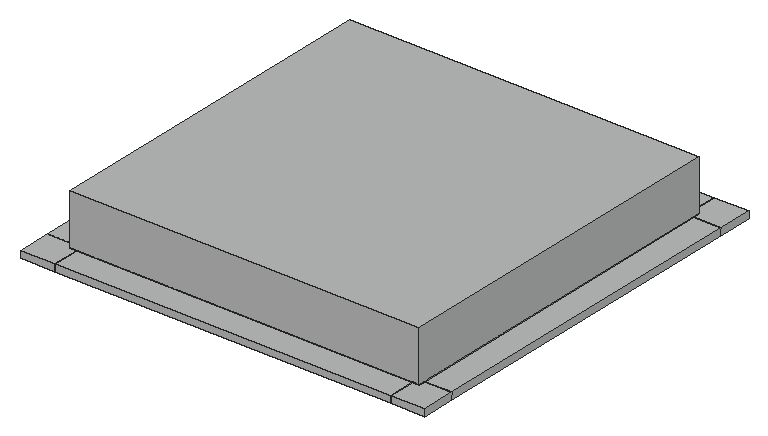
Revit family "ALUMOGIPS", category Осветительные приборы, Revit 2019 (continued)
Types (72, lengths in mm): name | Файл фотометрической сетки | built-in parameter 1150105 | Lumens | built-in parameter 1150106 | built-in parameter 1150142 | Wattage | Emit from Rectangle Width | Emit from Rectangle Length | Длина | Материал светильника | Ширина | ADSK_Ток | ADSK_Полная мощность | ADSK_Обозначение | ADSK_Номинальная мощность | ADSK_Наименование | ADSK_Масса | ADSK_Код изделия
    8 0.098 0.098 0.098 0.098 0.098 0.098 0.098 0.000 0.000 0.000 0.000 \r\n1417.637 1417.044 1413.295 1407.474 1398.890 1388.135 1374.815 1358.437 1340.184 1319.661 1296.869 1271.808 1244.971 1216.258 1185.673 1153.507 1120.158 1085.131 \r\n1048.823 1011.329 973.046 933.284 893.127 851.884 810.741 768.314 725.888 683.165 639.752 596.240 552.728 509.019 465.902 422.686 379.371 337.044 295.505 254.757 215.388 176.909 \r\n138.232 103.698 70.942 40.157 12.136 0.592 0.592 0.592 0.493 0.493 0.493 0.493 0.493 0.493 0.493 0.395 0.395 0.395 0.395 0.395 0.395 0.395 0.395 0.296 0.296 0.296 0.296 0.296 0.296 0.296 0.296 0.197 \r\n0.197 0.197 0.197 0.197 0.197 0.197 0.197 0.098 0.098 0.098 0.098 0.098 0.098 0.098 0.098 0.000 0.000 0.000 0.000 \r\n1417.637 1416.946 1413.197 1407.376 1398.693 1387.839 1374.520 1358.042 1339.789 1319.168 1296.376 1271.315 1244.477 1215.765 1185.179 1152.915 1119.566 1084.539 \r\n1048.230 1010.638 972.356 932.594 892.436 851.194 810.050 767.623 725.197 682.474 639.160 595.649 552.038 508.427 465.310 422.094 378.878 336.550 295.111 254.362 214.895 176.514 \r\n137.935 103.403 70.744 39.960 11.939 0.592 0.592 0.592 0.493 0.493 0.493 0.493 0.493 0.493 0.493 0.395 0.395 0.395 0.395 0.395 0.395 0.395 0.395 0.296 0.296 0.296 0.296 0.296 0.296 0.296 0.296 0.197 \r\n0.197 0.197 0.197 0.197 0.197 0.197 0.197 0.098 0.098 0.098 0.098 0.098 0.098 0.098 0.098 0.000 0.000 0.000 0.000 \r\n1417.637 1416.946 1413.098 1407.178 1398.495 1387.544 1374.223 1357.747 1339.395 1318.773 1295.882 1270.822 1243.886 1215.174 1184.587 1152.323 1118.974 1083.848 \r\n1047.540 1009.947 971.665 931.903 891.746 850.503 809.359 766.933 724.507 681.784 638.470 594.958 551.445 507.836 464.718 421.502 378.287 336.057 294.617 253.967 214.500 176.119 \r\n137.640 103.106 70.447 39.762 11.741 0.592 0.592 0.592 0.493 0.493 0.493 0.493 0.493 0.493 0.493 0.395 0.395 0.395 0.395 0.395 0.395 0.395 0.395 0.296 0.296 0.296 0.296 0.296 0.296 0.296 0.296 0.197 \r\n0.197 0.197 0.197 0.197 0.197 0.197 0.197 0.098 0.098 0.098 0.098 0.098 0.098 0.098 0.098 0.000 0.000 0.000 0.000 \r\n1417.637 1416.848 1412.999 1407.079 1398.298 1387.247 1373.829 1357.352 1339.000 1318.378 1295.488 1270.327 1243.392 1214.680 1183.995 1151.731 1118.283 1083.257 \r\n1046.849 1009.257 970.975 931.113 891.055 849.813 808.668 766.242 723.914 681.093 637.779 594.266 550.755 507.145 464.126 421.009 377.793 335.564 294.222 253.474 214.105 175.823 \r\n137.343 102.810 70.250 39.467 11.445 0.592 0.592 0.592 0.493 0.493 0.493 0.493 0.493 0.493 0.493 0.395 0.395 0.395 0.395 0.395 0.395 0.395 0.395 0.296 0.296 0.296 0.296 0.296 0.296 0.296 0.296 0.197 \r\n0.197 0.197 0.197 0.197 0.197 0.197 0.197 0.098 0.098 0.098 0.098 0.098 0.098 0.098 0.098 0.000 0.000 0.000 0.000 \r\n1417.637 1416.848 1412.901 1406.882 1398.002 1387.051 1373.533 1356.957 1338.605 1317.983 1294.994 1269.834 1242.899 1214.089 1183.403 1151.041 1117.692 1082.665 \r\n1046.257 1008.566 970.284 930.423 890.266 849.121 807.978 765.552 723.224 680.403 637.187 593.675 550.163 506.553 463.534 420.416 377.300 335.071 293.729 253.079 213.712 175.429 \r\n136.949 102.515 69.954 39.269 11.248 0.592 0.592 0.592 0.493 0.493 0.493 0.493 0.493 0.493 0.493 0.395 0.395 0.395 0.395 0.395 0.395 0.395 0.395 0.296 0.296 0.296 0.296 0.296 0.296 0.296 0.296 0.197 \r\n0.197 0.197 0.197 0.197 0.197 0.197 0.197 0.098 0.098 0.098 0.098 0.098 0.098 0.098 0.098 0.000 0.000 0.000 0.000 \r\n1417.637 1416.749 1412.802 1406.684 1397.805 1386.754 1373.237 1356.661 1338.210 1317.589 1294.599 1269.341 1242.406 1213.496 1182.811 1150.448 1117.099 1081.974 \r\n1045.566 1007.974 969.593 929.732 889.575 848.333 807.287 764.861 722.533 679.712 636.496 592.985 549.472 505.960 462.942 419.825 376.707 334.577 293.236 252.684 213.317 175.034 \r\n136.652 102.218 69.659 39.072 11.051 0.592 0.592 0.592 0.493 0.493 0.493 0.493 0.493 0.493 0.493 0.395 0.395 0.395 0.395 0.395 0.395 0.395 0.395 0.296 0.296 0.296 0.296 0.296 0.296 0.296 0.296 0.197 \r\n0.197 0.197 0.197 0.197 0.197 0.197 0.197 0.098 0.098 0.098 0.098 0.098 0.098 0.098 0.098 0.000 0.000 0.000 0.000 \r\n1417.637 1416.749 1412.704 1406.586 1397.607 1386.458 1372.941 1356.266 1337.815 1317.095 1294.106 1268.848 1241.813 1213.003 1182.219 1149.856 1116.409 1081.382 \r\n1044.876 1007.283 968.902 929.042 888.885 847.642 806.597 764.170 721.843 679.120 635.806 592.293 548.881 505.368 462.351 419.332 376.214 334.084 292.841 252.191 212.922 174.738 \r\n136.357 101.922 69.461 38.776 10.853 0.592 0.592 0.592 0.493 0.493 0.493 0.493 0.493 0.493 0.493 0.395 0.395 0.395 0.395 0.395 0.395 0.395 0.395 0.296 0.296 0.296 0.296 0.296 0.296 0.296 0.296 0.197 \r\n0.197 0.197 0.197 0.197 0.197 0.197 0.197 0.098 0.098 0.098 0.098 0.098 0.098 0.098 0.098 0.000 0.000 0.000 0.000 \r\n1417.637 1416.650 1412.604 1406.389 1397.311 1386.162 1372.546 1355.871 1337.421 1316.701 1293.613 1268.355 1241.320 1212.411 1181.627 1149.265 1115.816 1080.691 \r\n1044.284 1006.593 968.212 928.351 888.194 846.951 805.906 763.479 721.151 678.429 635.213 591.702 548.190 504.777 461.758 418.740 375.721 333.591 292.348 251.796 212.527 174.343 \r\n135.962 101.627 69.165 38.579 10.557 0.592 0.592 0.592 0.493 0.493 0.493 0.493 0.493 0.493 0.493 0.395 0.395 0.395 0.395 0.395 0.395 0.395 0.395 0.296 0.296 0.296 0.296 0.296 0.296 0.296 0.296 0.197 \r\n0.197 0.197 0.197 0.197 0.197 0.197 0.197 0.098 0.098 0.098 0.098 0.098 0.098 0.098 0.098 0.000 0.000 0.000 0.000 \r\n1417.637 1416.650 1412.506 1406.191 1397.114 1385.866 1372.250 1355.576 1337.027 1316.307 1293.218 1267.861 1240.827 1211.918 1181.035 1148.672 1115.225 1080.099 \r\n1043.593 1005.902 967.620 927.660 887.503 846.260 805.215 762.789 720.461 677.739 634.523 591.011 547.598 504.086 461.166 418.247 375.129 333.098 291.855 251.401 212.132 173.948 \r\n135.666 101.429 68.968 38.381 10.360 0.592 0.592 0.592 0.493 0.493 0.493 0.493 0.493 0.493 0.493 0.493 0.395 0.395 0.395 0.395 0.395 0.395 0.395 0.296 0.296 0.296 0.296 0.296 0.296 0.296 0.296 0.197 \r\n0.197 0.197 0.197 0.197 0.197 0.197 0.197 0.098 0.098 0.098 0.098 0.098 0.098 0.098 0.098 0.000 0.000 0.000 0.000 \r\n1417.637 1416.650 1412.407 1406.093 1396.917 1385.669 1371.954 1355.181 1336.632 1315.912 1292.725 1267.368 1240.334 1211.325 1180.443 1147.982 1114.633 1079.409 \r\n1042.903 1005.212 966.929 926.969 886.812 845.569 804.524 762.098 719.770 677.048 633.832 590.320 546.907 503.494 460.574 417.654 374.636 332.603 291.460 250.908 211.738 173.653 \r\n135.371 101.133 68.671 38.086 10.163 0.592 0.592 0.592 0.493 0.493 0.493 0.493 0.493 0.493 0.493 0.493 0.395 0.395 0.395 0.395 0.395 0.395 0.395 0.296 0.296 0.296 0.296 0.296 0.296 0.296 0.296 0.197 \r\n0.197 0.197 0.197 0.197 0.197 0.197 0.197 0.098 0.098 0.098 0.098 0.098 0.098 0.098 0.098 0.000 0.000 0.000 0.000 \r\n1417.637 1416.551 1412.309 1405.895 1396.621 1385.373 1371.559 1354.786 1336.237 1315.419 1292.232 1266.875 1239.742 1210.733 1179.851 1147.390 1113.942 1078.816 \r\n1042.310 1004.521 966.238 926.279 886.121 844.879 803.834 761.408 719.080 676.357 633.240 589.728 546.315 502.902 459.982 417.062 374.043 332.110 290.967 250.513 211.343 173.258 \r\n135.074 100.837 68.376 37.888 9.965 0.592 0.592 0.592 0.493 0.493 0.493 0.493 0.493 0.493 0.493 0.493 0.395 0.395 0.395 0.395 0.395 0.395 0.395 0.296 0.296 0.296 0.296 0.296 0.296 0.296 0.296 0.197 \r\n0.197 0.197 0.197 0.197 0.197 0.197 0.197 0.098 0.098 0.098 0.098 0.098 0.098 0.098 0.098 0.000 0.000 0.000 0.000 \r\n1417.637 1416.551 1412.111 1405.796 1396.423 1385.077 1371.264 1354.391 1335.842 1315.024 1291.837 1266.382 1239.248 1210.240 1179.259 1146.798 1113.350 1078.126 \r\n1041.620 1003.831 965.548 925.588 885.431 844.090 803.143 760.717 718.389 675.666 632.549 589.038 545.723 502.310 459.390 416.569 373.550 331.617 290.474 250.119 210.948 172.863 \r\n134.679 100.541 68.178 37.591 9.669 0.592 0.592 0.592 0.493 0.493 0.493 0.493 0.493 0.493 0.493 0.493 0.395 0.395 0.395 0.395 0.395 0.395 0.395 0.296 0.296 0.296 0.296 0.296 0.296 0.296 0.296 0.197 \r\n0.197 0.197 0.197 0.197 0.197 0.197 0.197 0.098 0.098 0.098 0.098 0.098 0.098 0.098 0.098 0.000 0.000 0.000 0.000 \r\n1417.637 1416.453 1412.013 1405.600 1396.226 1384.781 1370.968 1354.095 1335.448 1314.629 1291.344 1265.888 1238.754 1209.648 1178.667 1146.206 1112.758 1077.534 \r\n1040.929 1003.140 964.857 924.898 884.740 843.400 802.453 760.026 717.698 674.976 631.859 588.446 545.032 501.718 458.798 415.977 373.057 331.124 290.079 249.625 210.553 172.567 \r\n134.383 100.245 67.883 37.394 9.472 0.592 0.592 0.592 0.493 0.493 0.493 0.493 0.493 0.493 0.493 0.493 0.395 0.395 0.395 0.395 0.395 0.395 0.395 0.296 0.296 0.296 0.296 0.296 0.296 0.296 0.296 0.197 \r\n0.197 0.197 0.197 0.197 0.197 0.197 0.197 0.098 0.098 0.098 0.098 0.098 0.098 0.098 0.098 0.000 0.000 0.000 0.000 \r\n1417.637 1416.453 1411.914 1405.402 1395.930 1384.583 1370.671 1353.701 1335.053 1314.234 1290.850 1265.395 1238.261 1209.155 1178.075 1145.515 1112.067 1076.844 \r\n1040.239 1002.548 964.167 924.207 883.951 842.708 801.762 759.336 717.008 674.383 631.267 587.755 544.441 501.126 458.206 415.385 372.465 330.631 289.585 249.231 210.160 172.172 \r\n134.088 99.949 67.685 37.198 9.275 0.592 0.592 0.592 0.493 0.493 0.493 0.493 0.493 0.493 0.493 0.493 0.395 0.395 0.395 0.395 0.395 0.395 0.395 0.296 0.296 0.296 0.296 0.296 0.296 0.296 0.296 0.197 \r\n0.197 0.197 0.197 0.197 0.197 0.197 0.197 0.098 0.098 0.098 0.098 0.098 0.098 0.098 0.098 0.000 0.000 0.000 0.000 \r\n1417.637 1416.354 1411.816 1405.303 1395.733 1384.288 1370.276 1353.307 1334.658 1313.741 1290.456 1264.901 1237.669 1208.563 1177.582 1144.923 1111.476 1076.252 \r\n1039.646 1001.857 963.476 923.417 883.260 842.018 801.072 758.644 716.317 673.693 630.576 587.064 543.749 500.435 457.614 414.891 371.972 330.137 289.191 248.836 209.765 171.778 \r\n133.693 99.653 67.389 36.901 9.077 0.592 0.592 0.592 0.493 0.493 0.493 0.493 0.493 0.493 0.493 0.493 0.395 0.395 0.395 0.395 0.395 0.395 0.395 0.296 0.296 0.296 0.296 0.296 0.296 0.296 0.296 0.197 \r\n0.197 0.197 0.197 0.197 0.197 0.197 0.197 0.098 0.098 0.098 0.098 0.098 0.098 0.098 0.098 0.000 0.000 0.000 0.000 \r\n" | 25.582 W | 275 | 1175 | 1195 | RAL 9006 | 295 | 0.179584 A | 41.3043 VA | "Alumogips-38/opal-sand 295х1195 (IP40, 4000К, серый)" | 38 W | "Встраиваемый светодиодный светильник Alumogips-38/opal-sand 295х1195 (IP40, 4000К, серый) c БАП на 3 час" | 2.5 | "ЦБ000007976"
